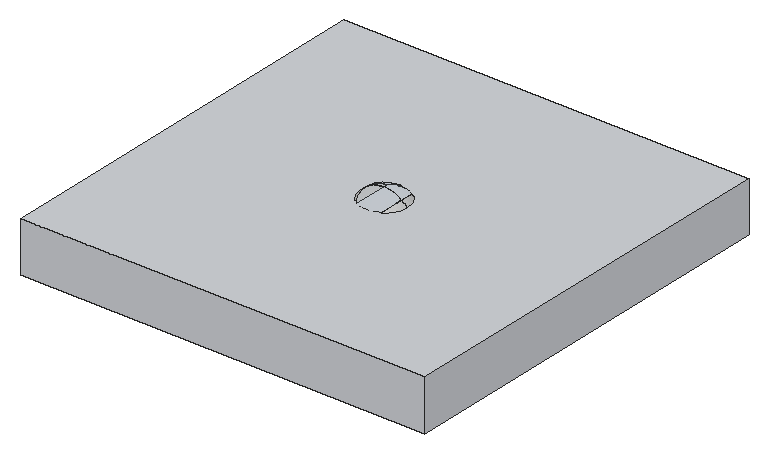
Revit family "GALAD Раунд LED", category Осветительные приборы, Revit 2018 (continued)
Types (3, lengths in mm): name | Файл фотометрической сетки | built-in parameter 1150142 | URL | IP | ADSK_Наименование краткое | ADSK_Наименование | ADSK_Марка | ADSK_Код изделия
     0.00 0.00 0.00 0.00 0.00 0.00 0.00 0.00 0.00 0.00 0.00 \r\n332.61 332.00 330.53 328.95 326.87 323.58 319.67 315.53 310.16 304.30 298.08 291.12 283.56 275.02 266.48 257.20 247.08 236.95 225.72 214.38 202.91 190.58 178.02 165.21 152.03 138.73 125.55 112.25 99.20 86.63 74.67 63.32 52.95 43.80 35.75 28.31 21.47 15.50 9.15 4.39 3.17 1.95 1.10 0.61 0.37 0.12 0.00 0.00 0.00 0.00 0.00 0.00 0.00 0.00 0.00 0.00 0.00 0.00 0.00 0.00 0.00 0.00 0.00 0.00 0.00 0.00 0.00 0.00 0.00 0.00 0.00 0.00 0.00 \r\n332.61 332.12 330.53 328.82 326.63 323.58 319.67 315.53 310.28 304.67 298.08 290.76 283.44 275.14 266.35 256.96 247.08 236.83 225.72 214.25 202.42 190.58 178.14 165.08 151.91 138.85 125.43 112.01 99.07 86.63 74.67 63.32 52.95 43.92 35.63 27.94 21.35 15.50 9.27 4.03 2.93 1.95 1.10 0.61 0.37 0.12 0.00 0.00 0.00 0.00 0.00 0.00 0.00 0.00 0.00 0.00 0.00 0.00 0.00 0.00 0.00 0.00 0.00 0.00 0.00 0.00 0.00 0.00 0.00 0.00 0.00 0.00 0.00 \r\n332.61 332.12 330.53 328.70 326.51 323.46 319.80 315.40 310.40 304.54 297.59 290.88 283.07 274.53 265.99 257.08 246.95 236.34 225.72 214.25 202.42 190.22 177.77 164.72 151.54 138.48 125.43 112.13 98.95 86.39 74.43 63.32 53.08 43.92 35.63 28.06 21.35 15.50 8.91 3.90 3.05 1.83 0.98 0.49 0.24 0.12 0.00 0.00 0.00 0.00 0.00 0.00 0.00 0.00 0.00 0.00 0.00 0.00 0.00 0.00 0.00 0.00 0.00 0.00 0.00 0.00 0.00 0.00 0.00 0.00 0.00 0.00 0.00 \r\n332.61 332.12 330.41 328.70 326.38 323.46 319.80 315.16 310.03 304.30 297.47 290.76 283.07 274.53 265.74 256.84 247.08 236.46 225.48 214.01 202.18 190.10 177.53 164.60 151.54 138.36 125.19 112.01 99.07 86.39 74.43 63.20 53.08 43.92 35.38 27.70 20.99 15.25 9.27 4.27 2.44 1.71 0.98 0.61 0.24 0.12 0.00 0.00 0.00 0.00 0.00 0.00 0.00 0.00 0.00 0.00 0.00 0.00 0.00 0.00 0.00 0.00 0.00 0.00 0.00 0.00 0.00 0.00 0.00 0.00 0.00 0.00 0.00 \r\n332.61 332.12 330.41 328.70 326.38 323.33 319.67 314.92 310.03 304.06 297.47 290.51 282.95 274.77 265.62 256.23 246.59 236.10 225.24 213.89 202.18 190.10 177.41 164.35 151.42 138.24 124.70 111.64 98.59 86.02 74.06 62.96 52.83 43.56 35.26 27.57 21.11 15.25 9.88 5.86 3.17 1.59 0.85 0.49 0.24 0.12 0.00 0.00 0.00 0.00 0.00 0.00 0.00 0.00 0.00 0.00 0.00 0.00 0.00 0.00 0.00 0.00 0.00 0.00 0.00 0.00 0.00 0.00 0.00 0.00 0.00 0.00 0.00 \r\n332.61 332.12 330.41 328.70 326.38 323.21 319.43 314.79 309.91 303.81 297.59 290.51 282.70 274.65 265.62 255.98 246.10 236.10 225.11 213.77 201.93 189.85 177.28 164.35 151.30 138.00 124.70 111.52 98.59 86.02 74.06 62.96 52.71 43.44 34.90 27.45 20.99 15.37 10.49 6.34 3.29 1.83 0.85 0.49 0.24 0.12 0.00 0.00 0.00 0.00 0.00 0.00 0.00 0.00 0.00 0.00 0.00 0.00 0.00 0.00 0.00 0.00 0.00 0.00 0.00 0.00 0.00 0.00 0.00 0.00 0.00 0.00 0.00 \r\n332.61 332.12 330.41 328.70 326.26 323.09 319.31 314.92 309.91 304.06 297.47 290.63 282.95 274.65 265.62 256.23 246.34 235.97 225.11 213.64 201.81 189.61 177.28 164.35 151.17 138.00 124.70 111.28 98.22 85.78 73.82 62.71 52.34 43.19 34.77 27.33 20.99 15.50 10.86 6.71 3.90 2.07 0.98 0.49 0.24 0.12 0.00 0.00 0.00 0.00 0.00 0.00 0.00 0.00 0.00 0.00 0.00 0.00 0.00 0.00 0.00 0.00 0.00 0.00 0.00 0.00 0.00 0.00 0.00 0.00 0.00 0.00 0.00 \r\n332.61 332.12 330.29 328.70 326.26 322.97 319.31 314.92 309.79 303.93 297.10 290.27 283.07 274.53 265.38 256.11 246.22 235.73 224.87 213.40 201.81 189.73 177.04 164.11 151.05 137.87 124.45 111.03 98.22 85.65 73.70 62.47 52.22 42.95 34.53 27.21 20.74 15.37 10.86 7.08 4.15 2.20 1.10 0.49 0.24 0.12 0.00 0.00 0.00 0.00 0.00 0.00 0.00 0.00 0.00 0.00 0.00 0.00 0.00 0.00 0.00 0.00 0.00 0.00 0.00 0.00 0.00 0.00 0.00 0.00 0.00 0.00 0.00 \r\n332.61 332.12 330.29 328.58 326.14 322.97 319.43 314.92 309.67 304.06 297.22 290.15 282.70 274.29 265.13 255.86 245.98 235.61 224.75 213.40 201.69 189.36 176.67 163.99 150.93 137.51 123.97 110.91 97.98 85.41 73.45 62.35 51.86 42.58 34.29 26.96 20.62 15.25 10.86 7.20 4.39 2.44 1.22 0.61 0.24 0.12 0.00 0.00 0.00 0.00 0.00 0.00 0.00 0.00 0.00 0.00 0.00 0.00 0.00 0.00 0.00 0.00 0.00 0.00 0.00 0.00 0.00 0.12 0.12 0.00 0.00 0.00 0.00 \r\n332.61 332.12 330.29 328.58 326.14 323.09 319.31 314.92 309.67 303.93 297.35 290.02 282.58 274.29 265.38 255.74 245.73 235.24 224.50 213.28 201.57 189.24 176.55 163.74 150.69 137.51 124.09 110.91 97.85 85.29 73.33 62.10 51.86 42.58 34.29 26.84 20.38 15.01 10.62 7.08 4.39 2.44 1.22 0.61 0.24 0.12 0.00 0.00 0.00 0.00 0.00 0.00 0.00 0.00 0.00 0.00 0.00 0.00 0.00 0.00 0.00 0.00 0.00 0.00 0.00 0.00 0.00 0.12 0.12 0.00 0.00 0.00 0.00 \r\n332.61 332.24 330.29 328.58 326.14 323.09 319.31 314.67 309.55 303.93 297.22 290.02 282.46 274.04 265.26 255.74 245.61 235.36 224.38 213.16 201.32 189.12 176.55 163.62 150.44 137.14 123.84 110.54 97.37 84.92 72.96 61.86 51.73 42.34 33.92 26.72 20.25 15.01 10.62 7.08 4.39 2.56 1.34 0.61 0.24 0.12 0.00 0.00 0.00 0.00 0.00 0.00 0.00 0.00 0.00 0.00 0.00 0.00 0.00 0.00 0.00 0.00 0.00 0.00 0.00 0.00 0.00 0.12 0.12 0.00 0.00 0.00 0.00 \r\n332.61 332.24 330.29 328.58 326.26 323.09 319.19 314.43 309.30 303.81 297.10 290.02 282.34 273.92 265.13 255.62 245.86 235.48 224.38 212.91 201.20 188.88 176.31 163.50 150.44 137.02 123.60 110.54 97.37 84.80 72.84 61.74 51.49 42.22 33.80 26.48 20.13 14.76 10.37 6.83 4.39 2.56 1.34 0.61 0.24 0.12 0.00 0.00 0.00 0.00 0.00 0.00 0.00 0.00 0.00 0.00 0.00 0.00 0.00 0.00 0.00 0.00 0.00 0.00 0.00 0.00 0.00 0.12 0.12 0.00 0.00 0.00 0.00 \r\n332.61 332.24 330.29 328.58 326.26 323.09 319.06 314.43 309.18 303.57 296.86 289.78 282.22 273.92 265.13 255.62 245.86 235.36 224.26 212.67 200.96 188.88 176.19 163.25 150.20 136.90 123.48 110.06 97.00 84.55 72.60 61.37 51.12 41.85 33.55 26.23 19.89 14.52 10.25 6.95 4.39 2.56 1.34 0.61 0.24 0.12 0.00 0.00 0.00 0.00 0.00 0.00 0.00 0.00 0.00 0.00 0.00 0.00 0.00 0.00 0.00 0.00 0.00 0.00 0.00 0.00 0.00 0.12 0.12 0.00 0.00 0.00 0.00 \r\n332.61 332.24 330.29 328.58 326.14 322.85 318.94 314.43 309.18 303.32 296.74 289.54 281.97 273.67 264.77 255.37 245.49 235.00 224.02 212.42 200.83 188.75 175.94 162.89 149.83 136.65 123.48 110.06 97.00 84.43 72.48 61.25 51.00 41.73 33.43 26.11 19.77 14.40 10.13 6.83 4.27 2.44 1.34 0.61 0.24 0.12 0.00 0.00 0.00 0.00 0.00 0.00 0.00 0.00 0.00 0.00 0.00 0.00 0.00 0.00 0.00 0.00 0.00 0.00 0.00 0.00 0.00 0.12 0.12 0.00 0.00 0.00 0.00 \r\n332.61 332.36 330.29 328.70 326.14 322.60 318.82 314.43 309.18 303.20 296.74 289.54 281.97 273.67 264.77 255.25 245.37 235.00 224.02 212.55 200.71 188.51 175.82 162.89 149.83 136.53 123.23 109.81 96.76 84.19 72.23 61.01 50.64 41.36 33.19 25.87 19.64 14.40 10.13 6.71 4.15 2.44 1.34 0.61 0.24 0.12 0.00 0.00 0.00 0.00 0.00 0.00 0.00 0.00 0.00 0.00 0.00 0.00 0.00 0.00 0.00 0.00 0.00 0.00 0.00 0.00 0.00 0.12 0.12 0.00 0.00 0.00 0.00 \r\n332.61 332.36 330.29 328.70 326.02 322.60 318.70 314.31 309.06 303.08 296.74 289.78 282.22 273.67 264.77 255.25 245.12 234.75 223.77 212.42 200.59 188.14 175.70 162.89 149.83 136.41 122.99 109.57 96.63 83.94 71.99 60.88 50.64 41.24 33.07 25.74 19.40 14.15 9.88 6.59 4.03 2.32 1.22 0.61 0.24 0.12 0.00 0.00 0.00 0.00 0.00 0.00 0.00 0.00 0.00 0.00 0.00 0.00 0.00 0.00 0.00 0.00 0.00 0.00 0.00 0.00 0.00 0.12 0.12 0.00 0.00 0.00 0.00 \r\n332.61 332.36 330.29 328.58 326.14 322.72 318.82 314.18 308.94 303.08 296.61 289.66 281.97 273.55 264.77 255.25 245.12 234.51 223.65 212.42 200.59 188.39 175.58 162.52 149.47 136.04 122.62 109.32 96.15 83.70 71.62 60.52 50.27 41.00 32.70 25.50 19.28 14.03 9.88 6.47 4.03 2.32 1.22 0.61 0.24 0.12 0.00 0.00 0.00 0.00 0.00 0.00 0.00 0.00 0.00 0.00 0.00 0.00 0.00 0.00 0.00 0.00 0.00 0.00 0.00 0.00 0.00 0.12 0.12 0.00 0.00 0.00 0.00 \r\n332.61 332.49 330.29 328.58 326.02 322.85 318.82 314.06 308.94 303.08 296.49 289.41 281.73 273.43 264.65 255.13 245.12 234.39 223.65 212.30 200.47 188.27 175.45 162.52 149.34 135.92 122.50 109.08 96.27 83.58 71.50 60.40 50.03 40.87 32.70 25.38 19.16 13.91 9.64 6.34 3.90 2.20 1.22 0.61 0.24 0.12 0.00 0.00 0.00 0.00 0.00 0.00 0.00 0.00 0.00 0.00 0.00 0.00 0.00 0.00 0.00 0.00 0.00 0.00 0.00 0.00 0.00 0.12 0.12 0.00 0.00 0.00 0.00 \r\n332.61 332.49 330.29 328.58 326.02 322.72 318.70 314.06 308.94 303.08 296.61 289.41 281.73 273.55 264.52 254.88 244.88 234.51 223.77 212.30 200.35 188.02 175.21 162.40 149.34 135.92 122.62 109.08 95.90 83.21 71.38 60.15 49.78 40.51 32.33 25.13 18.91 13.67 9.52 6.22 3.90 2.20 1.22 0.61 0.24 0.12 0.00 0.00 0.00 0.00 0.00 0.00 0.00 0.00 0.00 0.00 0.00 0.00 0.00 0.00 0.00 0.00 0.00 0.00 0.00 0.00 0.00 0.12 0.12 0.00 0.00 0.00 0.00 \r\n332.61 332.61 330.41 328.46 325.90 322.60 318.82 314.31 309.18 303.08 296.61 289.54 281.85 273.67 264.65 254.88 245.00 234.75 223.77 212.18 200.22 187.90 175.33 162.28 148.98 135.43 122.13 108.84 95.78 82.97 71.01 59.79 49.66 40.39 32.09 25.01 18.79 13.54 9.39 6.10 3.66 2.07 1.10 0.61 0.24 0.12 0.00 0.00 0.00 0.00 0.00 0.00 0.00 0.00 0.00 0.00 0.00 0.00 0.00 0.00 0.00 0.00 0.00 0.00 0.00 0.00 0.00 0.12 0.12 0.00 0.00 0.00 0.00 \r\n332.61 332.61 330.41 328.46 325.77 322.60 319.06 314.55 309.30 303.08 296.61 289.54 281.85 273.55 264.77 255.13 245.00 234.75 223.65 212.18 200.35 188.14 175.45 162.28 148.86 135.68 122.26 108.84 95.66 82.97 71.01 59.66 49.54 40.14 31.97 24.77 18.55 13.42 9.27 6.10 3.66 2.07 1.10 0.49 0.24 0.12 0.00 0.00 0.00 0.00 0.00 0.00 0.00 0.00 0.00 0.00 0.00 0.00 0.00 0.00 0.00 0.00 0.00 0.00 0.00 0.00 0.00 0.12 0.12 0.00 0.00 0.00 0.00 \r\n332.61 332.73 330.41 328.34 325.90 322.72 318.94 314.31 309.06 303.08 296.61 289.41 281.73 273.43 264.65 255.01 245.12 234.63 223.53 212.06 200.10 187.78 175.33 162.16 148.73 135.31 121.89 108.47 95.41 82.72 70.77 59.42 49.17 39.90 31.72 24.52 18.42 13.30 9.15 5.98 3.54 2.07 1.10 0.49 0.24 0.12 0.00 0.00 0.00 0.00 0.00 0.00 0.00 0.00 0.00 0.00 0.00 0.00 0.00 0.00 0.00 0.00 0.00 0.00 0.00 0.00 0.12 0.12 0.12 0.00 0.00 0.00 0.00 \r\n332.61 332.73 330.53 328.46 326.02 322.60 318.58 314.06 308.94 302.96 296.37 289.41 281.61 273.31 264.40 254.64 244.76 234.39 223.28 211.94 200.10 187.66 174.84 162.03 148.61 135.19 121.77 108.35 95.17 82.48 70.40 59.05 48.81 39.65 31.36 24.28 18.18 13.18 9.03 5.86 3.54 1.95 0.98 0.49 0.24 0.12 0.00 0.00 0.00 0.00 0.00 0.00 0.00 0.00 0.00 0.00 0.00 0.00 0.00 0.00 0.00 0.00 0.00 0.00 0.00 0.00 0.12 0.12 0.12 0.00 0.00 0.00 0.00 \r\n332.61 332.85 330.53 328.46 326.02 322.60 318.58 314.06 308.69 302.96 296.25 289.29 281.48 273.06 264.16 254.40 244.39 233.90 223.16 211.81 199.86 187.41 174.72 161.79 148.49 135.07 121.52 108.10 94.80 82.11 70.04 58.93 48.68 39.41 31.24 24.16 18.06 12.93 8.91 5.73 3.42 1.95 0.98 0.49 0.24 0.12 0.00 0.00 0.00 0.00 0.00 0.00 0.00 0.00 0.00 0.00 0.00 0.00 0.00 0.00 0.00 0.00 0.00 0.00 0.00 0.00 0.12 0.12 0.12 0.00 0.00 0.00 0.00 \r\n332.61 332.97 330.66 328.46 326.14 322.72 318.58 313.82 308.45 302.84 296.13 289.05 281.24 272.70 263.91 254.52 244.51 233.90 223.28 211.57 199.61 187.29 174.60 161.55 148.25 134.82 121.40 107.86 94.80 82.11 69.91 58.57 48.32 39.17 30.99 23.91 17.81 12.81 8.66 5.61 3.29 1.83 0.98 0.49 0.24 0.12 0.00 0.00 0.00 0.00 0.00 0.00 0.00 0.00 0.00 0.00 0.00 0.00 0.00 0.00 0.00 0.00 0.00 0.00 0.00 0.00 0.12 0.12 0.12 0.00 0.00 0.00 0.00 \r\n332.61 332.97 330.78 328.46 326.02 322.60 318.58 313.82 308.45 302.59 296.00 289.05 281.24 272.70 263.79 254.52 244.51 233.90 222.92 211.45 199.49 187.29 174.48 161.30 148.00 134.58 121.28 107.74 94.44 81.75 69.55 58.44 48.07 38.92 30.87 23.79 17.69 12.69 8.54 5.49 3.29 1.83 0.98 0.49 0.12 0.12 0.00 0.00 0.00 0.00 0.00 0.00 0.00 0.00 0.00 0.00 0.00 0.00 0.00 0.00 0.00 0.00 0.00 0.00 0.00 0.00 0.12 0.12 0.12 0.00 0.00 0.00 0.00 \r\n332.61 333.10 330.90 328.46 325.90 322.48 318.45 313.82 308.33 302.47 296.00 288.93 281.12 272.70 263.79 254.40 244.15 233.78 222.80 211.45 199.37 187.17 174.36 161.30 148.25 134.58 121.04 107.62 94.19 81.50 69.55 58.20 47.95 38.68 30.63 23.55 17.45 12.45 8.42 5.37 3.17 1.83 0.85 0.37 0.12 0.00 0.00 0.00 0.00 0.00 0.00 0.00 0.00 0.00 0.00 0.00 0.00 0.00 0.00 0.00 0.00 0.00 0.00 0.00 0.00 0.00 0.12 0.12 0.12 0.00 0.00 0.00 0.00 \r\n332.61 333.22 331.02 328.46 325.65 322.24 318.33 313.70 308.33 302.47 296.00 288.80 281.00 272.70 263.67 254.40 244.15 233.78 222.67 211.20 199.13 186.80 174.23 161.18 147.88 134.46 120.79 107.25 94.07 81.26 69.18 57.96 47.71 38.68 30.50 23.30 17.33 12.32 8.30 5.25 3.17 1.71 0.85 0.37 0.12 0.00 0.00 0.00 0.00 0.00 0.00 0.00 0.00 0.00 0.00 0.00 0.00 0.00 0.00 0.00 0.00 0.00 0.00 0.00 0.00 0.00 0.12 0.12 0.12 0.00 0.00 0.00 0.00 \r\n332.61 333.34 331.27 328.46 325.65 322.24 318.33 313.70 308.45 302.47 296.00 288.80 281.00 272.70 263.67 254.15 244.15 233.65 222.55 210.96 199.13 186.92 174.11 161.18 147.88 134.34 120.67 107.13 93.95 81.26 69.06 57.83 47.59 38.31 30.26 23.06 17.08 12.08 8.17 5.12 3.05 1.71 0.85 0.37 0.12 0.00 0.00 0.00 0.00 0.00 0.00 0.00 0.00 0.00 0.00 0.00 0.00 0.00 0.00 0.00 0.00 0.00 0.00 0.00 0.00 0.00 0.12 0.12 0.12 0.00 0.00 0.00 0.00 \r\n332.61 333.46 331.51 328.70 325.77 322.24 318.21 313.70 308.57 302.23 295.76 288.80 280.87 272.45 263.43 254.03 244.15 233.53 222.43 210.96 199.13 186.80 173.99 161.06 147.51 134.09 120.55 106.76 93.58 80.77 68.69 57.47 47.22 38.07 30.02 23.06 17.08 12.08 8.17 5.12 3.05 1.71 0.85 0.37 0.12 0.00 0.00 0.00 0.00 0.00 0.00 0.00 0.00 0.00 0.00 0.00 0.00 0.00 0.00 0.00 0.00 0.00 0.00 0.00 0.00 0.00 0.12 0.12 0.12 0.00 0.00 0.00 0.00 \r\n332.61 333.58 331.75 328.82 325.90 322.11 317.97 313.70 308.45 302.23 295.64 288.68 280.87 272.33 263.30 253.91 244.03 233.53 222.43 210.84 199.00 186.80 173.87 160.94 147.64 133.85 120.18 106.64 93.22 80.65 68.69 57.35 47.10 37.95 29.77 22.82 16.84 11.96 8.05 5.00 2.93 1.59 0.85 0.37 0.12 0.00 0.00 0.00 0.00 0.00 0.00 0.00 0.00 0.00 0.00 0.00 0.00 0.00 0.00 0.00 0.00 0.00 0.00 0.00 0.00 0.00 0.12 0.12 0.12 0.00 0.00 0.00 0.00 \r\n332.61 333.71 332.00 329.07 326.02 322.11 317.72 313.45 308.57 302.35 295.52 288.56 280.87 272.21 263.18 254.03 244.03 233.41 222.43 210.72 198.88 186.44 173.75 160.69 147.27 133.97 120.18 106.52 93.34 80.65 68.57 57.22 46.85 37.58 29.53 22.57 16.59 11.84 7.93 5.00 2.93 1.59 0.85 0.37 0.12 0.00 0.00 0.00 0.00 0.00 0.00 0.00 0.00 0.00 0.00 0.00 0.00 0.00 0.00 0.00 0.00 0.00 0.00 0.00 0.00 0.00 0.12 0.12 0.12 0.00 0.00 0.00 0.00 \r\n332.61 333.83 332.24 329.43 326.26 322.24 317.84 313.33 308.45 302.47 295.64 288.32 280.63 272.21 263.30 254.15 243.90 233.04 222.19 210.72 198.76 186.19 173.50 160.45 147.27 133.85 120.18 106.52 93.34 80.65 68.45 57.22 46.85 37.58 29.53 22.45 16.59 11.71 7.81 4.88 2.81 1.59 0.73 0.37 0.12 0.00 0.00 0.00 0.00 0.00 0.12 0.12 0.00 0.00 0.00 0.00 0.00 0.00 0.00 0.00 0.00 0.00 0.00 0.00 0.00 0.12 0.12 0.24 0.12 0.00 0.00 0.00 0.00 \r\n332.61 333.95 332.49 329.80 326.63 322.72 318.33 313.57 308.33 302.35 295.76 288.56 280.75 272.21 263.43 253.79 243.66 233.04 222.43 210.72 198.39 186.19 173.62 160.45 147.03 133.73 119.94 106.27 93.10 80.16 68.08 56.74 46.49 37.34 29.28 22.33 16.35 11.59 7.81 4.88 2.81 1.59 0.73 0.37 0.12 0.00 0.00 0.00 0.00 0.00 0.12 0.12 0.00 0.00 0.00 0.00 0.00 0.00 0.00 0.00 0.00 0.00 0.00 0.00 0.12 0.12 0.12 0.24 0.24 0.00 0.00 0.00 0.00 \r\n332.61 334.07 332.73 330.17 327.24 323.58 319.06 314.18 308.45 302.10 295.64 288.44 280.63 272.09 263.18 253.66 243.66 233.17 222.43 210.59 198.52 186.07 173.38 160.45 146.90 133.24 119.69 106.27 92.85 80.04 67.84 56.61 46.49 37.21 29.16 22.33 16.47 11.59 7.81 4.88 2.81 1.59 0.73 0.37 0.12 0.00 0.00 0.00 0.00 0.00 0.12 0.12 0.00 0.00 0.00 0.00 0.00 0.00 0.00 0.00 0.00 0.00 0.00 0.00 0.12 0.12 0.12 0.24 0.24 0.00 0.00 0.00 0.00 \r\n332.61 334.19 332.85 330.53 327.73 324.31 319.92 315.16 309.55 302.96 296.37 289.05 281.00 272.58 263.67 254.03 244.15 233.41 222.19 210.47 198.52 186.07 173.14 159.96 146.66 133.12 119.45 105.91 92.61 79.80 67.72 56.49 46.24 37.21 29.16 22.21 16.35 11.59 7.69 4.88 2.81 1.46 0.73 0.37 0.12 0.00 0.00 0.00 0.00 0.00 0.12 0.12 0.00 0.00 0.00 0.00 0.00 0.00 0.00 0.00 0.00 0.00 0.00 0.12 0.12 0.12 0.12 0.24 0.24 0.00 0.00 0.00 0.00 \r\n332.61 334.19 332.97 330.78 328.21 324.80 320.53 315.65 310.52 304.54 297.71 290.15 282.09 273.43 264.28 254.52 244.51 233.78 222.67 210.84 198.88 186.56 173.50 160.20 146.78 133.12 119.45 105.79 92.49 79.80 67.60 56.25 46.00 36.85 28.80 21.84 15.98 11.23 7.56 4.76 2.81 1.46 0.73 0.37 0.12 0.00 0.00 0.00 0.00 0.00 0.12 0.12 0.00 0.00 0.00 0.0
    0 0.00 0.00 0.00 0.00 0.00 0.00 0.12 0.12 0.12 0.12 0.12 0.24 0.24 0.00 0.00 0.00 0.00 \r\n332.61 334.32 333.10 330.90 328.34 324.80 320.65 315.65 310.03 304.06 297.47 290.15 282.22 273.55 264.65 255.13 245.00 234.14 223.16 211.45 199.37 187.05 174.11 160.81 147.51 133.97 120.18 106.64 93.46 80.65 68.45 57.10 46.85 37.58 29.53 22.57 16.72 11.84 7.93 5.00 2.93 1.59 0.85 0.37 0.12 0.12 0.00 0.12 0.12 0.12 0.12 0.12 0.00 0.00 0.00 0.00 0.00 0.00 0.00 0.00 0.12 0.12 0.12 0.12 0.12 0.12 0.12 0.24 0.24 0.00 0.00 0.00 0.00 \r\n" | "https://galad.ru/catalog/indoor/zhkh/raund/galad-raund-led-9-eco-ip30-datchik-zvuka/" | "30" | "GALAD Раунд LED-9 ECO IP30 Датчик звука" | "GALAD Раунд LED-9 ECO IP30 Датчик звука" | "GALAD Раунд LED-9 ECO IP30 Датчик звука" | "16448"
